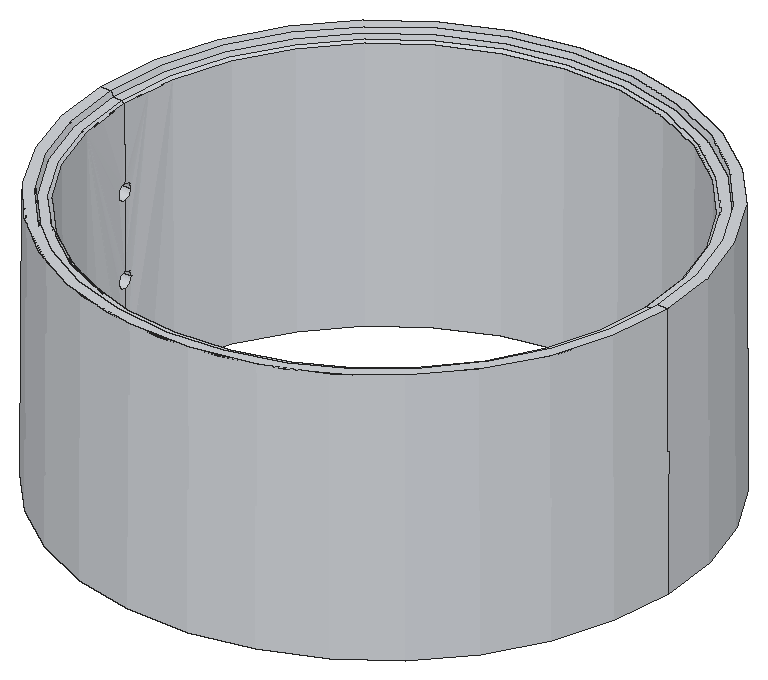
Revit family "Кольцо 2000х1010 с замком КС 20.10", category Обобщенные модели, Revit 2023
Family settings
  Может служить основой для арматурных стержней = Нет
  Размер круглого соединителя = Использовать диаметр
  Тип детали = Нормальный
  На основе рабочей плоскости = Нет
  Всегда вертикально = Да
  При загрузке вырезать с полостями = Нет
  Сохранять ориентацию аннотаций = Нет
  Общий = Нет
  Точка принадлежности помещению = Нет
Parameters (values of type "Кольцо 2000х1010 с замком КС 20.10")
  фаска = 10 mm
  толщ_на_h2_расч = (t1 - t2) / 2 * (h1 + h2) / ADSK_Размер_Высота + 10 mm  # 13.342 mm
  толщ_на_h1_расч = (t1 - t2) / 2 * h1 / ADSK_Размер_Высота + 10 mm  # 11.832 mm
  сужение_низ = 5 mm
  отступ_низ = 36 mm
  отступ_верх = 38.5 mm
  выступ = 20 mm
  вырез2 = yes
  вырез1 = yes
  Отметка по умолчанию = 0 mm
  t2 = 90 mm
  t1 = 100 mm
  h2 = 305 mm
  h1 = 370 mm
  d1 = 20 mm * tan(20.00°)  # 7.279 mm
  ADSK_Размер_Диаметр = 2020 mm
  ADSK_Размер_Высота = 1010 mm
  ADSK_Масса = 1532
Reference planes
  plane 1 "По центру (Вперед/Назад)": y = 0
  plane 2: z = 0
  plane 3 "По центру (Влево/Вправо)": x = 0
  plane 4: x = 1010
  plane 5: x = -1010
  plane 6: y = 1010
  plane 7: y = -1010
  plane 8: z = 990
  plane 9: z = 1010
  plane 10: z = 20
  plane 11: x = -1105
  plane 12: x = 1105
  plane 13: y = 1105
  plane 14: y = -1105
  plane 15: y = 1100
  plane 16: y = -1100
  plane 17: x = -1100
  plane 18: x = 1100
  plane 19: x = 1046
  plane 20: x = 1061.5
  plane 21: x = 1054.221
  plane 22: x = 1053.279
  plane 23: z = 980
  plane 24: x = 1020
  plane 25: z = 370
  plane 26: z = 675
  plane 27: y = 1005
  plane 28: y = -1005
  plane 29: x = -1005
  plane 30: x = 1005
  plane 31: x = -1091.658
  plane 32: x = -1093.168
  plane 33: x = 1091.658
  plane 34: x = 1093.168
Forms (mm)
  Revolve 1, solid
    sketch origin (0, 0, 0) x (1, 0, 0) y (0, 0, 1)
      loop
        line (1010, 980) -> (1005, 0) -> (1046, 0) -> (1053.279, 20) -> (1105, 20) -> (1100, 1010) -> (1061.5, 1010) -> (1054.221, 990) -> (1020, 990) -> (1010, 980)
      axis (0, 0) -> (0, 1010)
    angle from 0 to 360
  Extrusion 2, void
    sketch origin (0, 0, 0) x (0, -1, 0) y (0, 0, 1)
      loop
        circle (0, 675) r 30
    from -1091.658 to 1091.658
  Extrusion 3, void
    sketch origin (0, 0, 0) x (0, -1, 0) y (0, 0, 1)
      loop
        circle (0, 370) r 30
    from -1093.168 to 1093.168
Cuts and joins
  Extrusion 2, Extrusion 3 cuts Revolve 1
Dimensions and locks
  equal spacing: plane 5, plane 3 "По центру (Влево/Вправо)", plane 4
  equal spacing: plane 7, plane 1 "По центру (Вперед/Назад)", plane 6
  "ADSK_Размер_Диаметр": plane 5 to plane 4
  "ADSK_Размер_Диаметр": plane 7 to plane 6
  "выступ": plane 9 to plane 8
  "выступ": plane 10 to level
  "t1": plane 11 to plane 29
  "t1": plane 30 to plane 12
  "t2": plane 6 to plane 15
  "t2": plane 16 to plane 7
  "t2": plane 17 to plane 5
  "t2": plane 4 to plane 18
  "отступ_низ": plane 19 to plane 4
  "отступ_верх": plane 18 to plane 20
  "d1": plane 20 to plane 21
  "d1": plane 22 to plane 19
  "фаска": plane 8 to plane 23
  "фаска": plane 24 to plane 4
  "h1": plane 25 to level
  "h2": plane 26 to plane 25
  "ADSK_Размер_Высота": plane 9 to level
  "сужение_низ": plane 5 to plane 29
  "сужение_низ": plane 30 to plane 4
  "сужение_низ": plane 27 to plane 6
  "сужение_низ": plane 7 to plane 28
  "t1": plane 14 to plane 28
  "t1": plane 27 to plane 13
  "толщ_на_h2_расч": plane 31 to plane 11
  "толщ_на_h1_расч": plane 32 to plane 11
  "толщ_на_h2_расч": plane 12 to plane 33
  "толщ_на_h1_расч": plane 12 to plane 34
  aligned and locked: level to plane 2
  aligned and locked: Revolve 1 sketch curve to plane 8
  aligned and locked: Revolve 1 sketch curve to plane 9
  aligned and locked: plane 10 to Revolve 1 sketch curve
  aligned and locked: Revolve 1 sketch curve to level
  aligned and locked: Extrusion 2 to plane 31
  aligned and locked: Extrusion 3 to plane 32
  aligned and locked: plane 33 to Extrusion 2
  aligned and locked: plane 34 to Extrusion 3
Automatic sketch dimensions
  Revolve 1 sketch curve to level = 0 mm
  Revolve 1 sketch curve to plane 3 "По центру (Влево/Вправо)" = 0 mm
  Revolve 1 sketch curve to plane 30 = 0 mm
  Revolve 1 sketch curve to plane 4 = 0 mm
  Revolve 1 sketch curve to plane 24 = 0 mm
  Revolve 1 sketch curve to plane 19 = 0 mm
  Revolve 1 sketch curve to plane 22 = 0 mm
  Revolve 1 sketch curve to plane 21 = 0 mm
  Revolve 1 sketch curve to plane 20 = 0 mm
  Revolve 1 sketch curve to plane 18 = 0 mm
  Revolve 1 sketch curve to plane 12 = 0 mm
  Revolve 1 sketch curve to plane 23 = 0 mm
  Revolve 1 sketch curve to plane 9 = 0 mm
  Extrusion 2 sketch curve to plane 1 "По центру (Вперед/Назад)" = 0 mm
  Extrusion 2 sketch curve to plane 26 = 0 mm
  Extrusion 3 sketch curve to plane 1 "По центру (Вперед/Назад)" = 0 mm
  Extrusion 3 sketch curve to plane 25 = 0 mm
  radius of Extrusion 2 sketch curve = 30 mm
  radius of Extrusion 3 sketch curve = 30 mm
